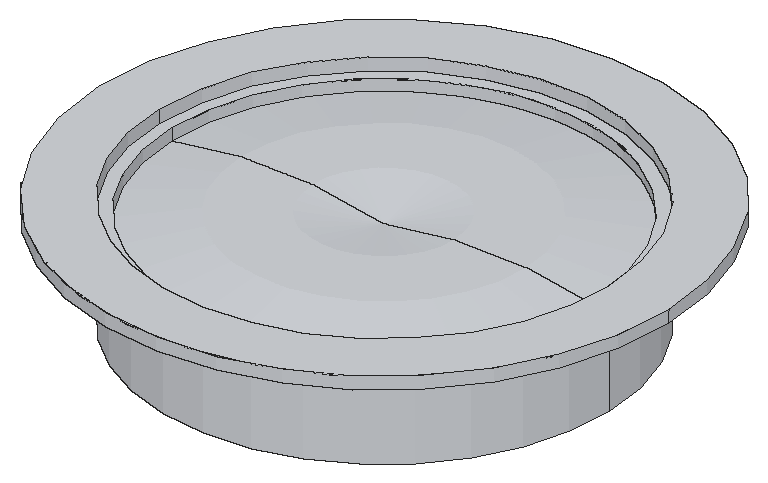
Revit family "Lighting-CommercialSector-GEWISS-ELIA-DL-LED_DOWNLIGHT", category Apparecchi per illuminazione, host Superficie, Revit 2019
Family settings
  Host = Superficie
  Quota connettore circolare = Usa diametro
  Tipo di parte = Normale
  Taglio con vuoti quando caricato = No
  Sorgente d'illuminazione = Sì
  Condiviso = No
  Punto di calcolo locali = Sì
Parameters (values of type "GWF1511QA940 - ELIA DL L2 40K OPAL DALI CRI90")
  Working temperature = "-20° +45°"
  Weight (kg): = "0,8"
  Weight (kg) = "0,8"
  Wattage = 9.2903 W
  Warranty = "5 years"
  Voltage = "220-240 V "
  Visibilità etichetta [instance] = yes
  Visibilità simbolo [instance] = yes
  Visibilità lampada in pianta [instance] = not(Visibilità simbolo)  # no
  Version file RFA = "20.0"
  Variazione temperatura colore lampada con luminosità attenuata = <Nessuno>
  URL = "https://www.gewiss.com/ww/en"
  UGR: = ""
  Typology = "Flush mounted"
  Type of light source = "LED - Not replaceable"
  Type of lamp = "LED"
  built-in parameter 1150107 = 4000 (stored number, unit not read)
  Technical sheet = "https://www.gewiss.com/ww/en/search?q=GWF1100VC861"
  System power = "35W"
  Spostamento_x_effettivo [instance] = 4000 mm - Spostamento_x  # 3000 mm
  Spostamento_x [instance] = 1000 mm
  Spostamento_y_effettivo [instance] = 4000 mm - Spostamento_y  # 3300 mm
  Spostamento_y [instance] = 700 mm
  Shock resistance = "IK06"
  STRUTTURA = none
  SEO = "Flush mounted"
  Realized by GEWISS S.p.A. = ""
  built-in parameter 1150110 = 1 (stored number, unit not read)
  built-in parameter 1150109 = 1 (stored number, unit not read)
  built-in parameter 1114218 = 1 (stored number, unit not read)
  built-in parameter 1150112 = 1 (stored number, unit not read)
  POSIZIONE = 80000  # constant formula
  Optic = "Diffusing opal"
  Operating temperature: = "-20° +45°"
  built-in parameter 1150137 = (empty or 0)
  built-in parameter 1150132 = (empty or 0)
  Luminous flux in emerg. [lm] = ""
  Lumen output (lm) = "3200"
  Lamp = "LED"
  LUNGHEZZA FORO = 968.572 mm
  LED Life time (L80B50) = "L80 B50 (Tq25°) = 50.000h"
  LED = none
  LARGHEZZA_FORO = 820.364 mm
  built-in parameter 1150105 = 109.82 (stored number, unit not read)
  built-in parameter 1150102 = (empty or 0)
  Insulation class = "II"
  Installation = "Flush mounted"
  built-in parameter 1150106 = 1.0982 (stored number, unit not read)
  Default Elevation = 1219.2 mm
  Produttore = "GEWISS S.p.A."
  Nome quadro [instance] = "330W"
  Modello = "GWF1511QA940"
  L_lampada = 1500 mm
  Immagine tipo = ELIA_DL.jpg
  IP degree = "IP40 - IP54"
  IDT = "67a9fb0b-5b9a-414d-aab5-ce16ea450aa5"
  IDF = "46d3fa0c-6ffa-4080-9a39-1d8cfdb7318d"
  Lumens = 1380 lm
  Color Filter = 16777215
  File diagramma fotometrico = "GWF1511QA940.IES"
  built-in parameter 1114217 = 1 (stored number, unit not read)
  built-in parameter 1150139 = (empty or 0)
  FORO_CONTROSOFFITTO = 80 mm  # constant formula
  Emit from Line Length = 609.6 mm
  Electrocod = ""
  Efficiency class of integrated LEDs = ""
  built-in parameter 1150104 = 13.8 (stored number, unit not read)
  EAN code = ""
  Driver type = ""
  Distanza dal host [instance] = 0 mm
  built-in parameter 1150115 = 1 (stored number, unit not read)
  built-in parameter 1150114 = 1 (stored number, unit not read)
  built-in parameter 1150113 = 1 (stored number, unit not read)
  Dimensions (mm) = "Standard"
  Descrizione = "ELIA DL L2 40K OPAL DALI CRI90"
  Colour temperature: = "4000K"
  Colour temperature = "4000K"
  Colour = "White"
  built-in parameter 1150134 = 12
  built-in parameter 1150138 = (empty or 0)
  Catalogue Range = "ELIA DL"
  Catalogue = "LIGHTING"
  COBie.Tagnumber = ""
  COBie.CreatedOn = ""
  COBie.CreatebBy = ""
  COBie.ComponentRegisterItemID = ""
  COBie.Component.TagNumber = ""
  COBie.Component.Space = ""
  COBie.Component.SerialNumber = ""
  COBie.Component.InstallationDate = ""
  COBie.Component.Description = ""
  COBie.Component.BarCode = ""
  Application = "Indoor"
  Tilt Angle = -90.00°
  built-in parameter 1150133 = 10 (stored number, unit not read)
Types (8, lengths in mm): name | Technical sheet | System power | Lumen output (lm) | Modello | IDT | File diagramma fotometrico | Descrizione
  GWF1510QA840 - ELIA DL L2 40K  OPAL ON/OFF CRI80 | "https://www.gewiss.com/ww/en/search?q=GWF1100VC858" | "35W" | "3550" | "GWF1510QA840" | "b2b84741-7a83-481b-95c9-ea9a437c7251" | "GWF1510QA840.IES" | "ELIA DL L2 40K  OPAL ON/OFF CRI80"
  GWF1510QA940 - ELIA DL L2 40K  OPAL ON/OFF CRI90 | "https://www.gewiss.com/ww/en/search?q=GWF1100VC859" | "35W" | "3200" | "GWF1510QA940" | "7fb4116e-5139-49e8-aba0-4ea58d715885" | "GWF1510QA940.IES" | "ELIA DL L2 40K  OPAL ON/OFF CRI90"
  GWF1511QA840 - ELIA DL L2 40K OPAL DALI CRI80 | "https://www.gewiss.com/ww/en/search?q=GWF1100VC860" | "35W" | "3550" | "GWF1511QA840" | "93a4c444-0049-4c68-8f80-80cc127d1e8f" | "GWF1511QA840.IES" | "ELIA DL L2 40K OPAL DALI CRI80"
  GWF1511QA940 - ELIA DL L2 40K OPAL DALI CRI90 | "https://www.gewiss.com/ww/en/search?q=GWF1100VC861" | "35W" | "3200" | "GWF1511QA940" | "67a9fb0b-5b9a-414d-aab5-ce16ea450aa5" | "GWF1511QA940.IES" | "ELIA DL L2 40K OPAL DALI CRI90"
  GWF1510MA940 - ELIA DL M2 40K  OPAL ON/OFF CRI90 | "https://www.gewiss.com/ww/en/search?q=GWF1100VC862" | "25W" | "2340" | "GWF1510MA940" | "141bd185-ca88-4515-8b8c-cb834ad1a7e4" | "GWF1510MA940.IES" | "ELIA DL M2 40K  OPAL ON/OFF CRI90"
  GWF1511MA840 - ELIA DL M2 40K OPAL DALI CRI80 | "https://www.gewiss.com/ww/en/search?q=GWF1100VC863" | "25W" | "2600" | "GWF1511MA840" | "6448825b-7d1a-4d32-a8bd-6db0aabe33f9" | "GWF1511MA840.IES" | "ELIA DL M2 40K OPAL DALI CRI80"
  GWF1511MA940 - ELIA DL M2 40K OPAL DALI CRI90 | "https://www.gewiss.com/ww/en/search?q=GWF1100VC864" | "25W" | "2340" | "GWF1511MA940" | "c728ae87-fbf6-4852-88a3-85a5a9649de6" | "GWF1511MA940.IES" | "ELIA DL M2 40K OPAL DALI CRI90"
  GWF1510MA840 - ELIA DL M2 40K OPAL ON/OFF CRI80 | "https://www.gewiss.com/ww/en/search?q=GWF1100VC865" | "25W" | "2600" | "GWF1510MA840" | "31cf60ee-c2e6-4431-b72f-e8ff613d9471" | "GWF1510MA840.IES" | "ELIA DL M2 40K OPAL ON/OFF CRI80"
Reference planes
  plane 1 "Centro (Fronte/Retro)": y = 0
  plane 2: z = 0
  plane 3 "Centro (Sinistra/Destra)": x = 0
  plane 4: x = -4000
  plane 5: x = -1000
  plane 6: x = -1000
  plane 7: z = 1200
  plane 8: y = -4000
  plane 9: y = -700
  plane 10: x = -484.286
  plane 11: y = -410.182
  plane 12: x = 484.286
  plane 13: y = 410.182
  plane 14: z = -80
Dimensions and locks
  plane 4 to plane 3 "Centro (Sinistra/Destra)" = 4000 mm  (x2)
  "Spostamento_x_effettivo": plane 4 to plane 5
  "Spostamento_x_effettivo": plane 6 to plane 4
  plane 7 to plane 2 = 1200 mm
  "Spostamento_y_effettivo": plane 9 to plane 8
  plane 1 "Centro (Fronte/Retro)" to plane 8 = 4000 mm
  equal spacing: plane 10, plane 3 "Centro (Sinistra/Destra)", plane 12
  equal spacing: plane 13, plane 1 "Centro (Fronte/Retro)", plane 11
  "FORO_CONTROSOFFITTO": level to plane 14
  "LUNGHEZZA FORO": plane 10 to plane 12
  "LARGHEZZA_FORO": plane 13 to plane 11
  aligned and locked: plane 2 to host face
  aligned and locked: level to host face
  aligned and locked: nested 2 to plane 1 "Centro (Fronte/Retro)"
  aligned and locked: plane 6 to nested 1
  aligned and locked: nested 1 to plane 9
  aligned and locked: host face to nested 3
  aligned and locked: plane 3 "Centro (Sinistra/Destra)" to nested 4
  aligned and locked: nested 4 to imposter light
Automatic sketch dimensions
  host sketch curve to host sketch curve = 2438.4 mm  (x2)
Nested families
  nested 1: "Etichetta light" at (-1000, -700, 0), visible <- "Visibilità etichetta", type "Etichetta light"
  nested 2: "SIMB_2D" at (0, 0, 110.443) x (0, 0, 1) z (1, 0, 0), visible <- "Visibilità simbolo", type "SIMB_2D"
  nested 3: "Base_ELIA DL" at (0, 0, -40), type "Base_ELIA DL"
  nested 4: "SIMB_2D" at (0, 0, 0), vs_simbolo <- "Visibilità simbolo", type "SIMB_2D"
    with vs_simbolo yes
Definition of nested family "Base_ELIA DL"
  Parameters (values of type "Base_ELIA DL")
    struttura = none
    r3 = r2 - 5 mm  # 85.426 mm
    r2 = Raggio - 23.8 mm  # 90.426 mm
    h_led = 45 mm
    Raggio = 114.226 mm
    Led = none
    Diametro lampada = Raggio * 2  # 228.452 mm
  Reference planes
    plane 1 "Asse sorgente illuminazione (F/B)": y = 0
    plane 2: z = 0
    plane 3 "Asse sorgente illuminazione (L/R)": x = 0
    plane 4 "Prospetto sorgente di illuminazione": z = 1500
    plane 5: z = 45
    plane 6: z = 40
  Forms (mm)
    Extrusion 1, solid
      sketch origin (0, 0, 0) x (1, 0, 0) y (0, 1, 0)
        loop
          circle (0, 0) r 114.226
        loop
          circle (0, 0) r 90.426
      from 40 to 45
    Extrusion 2, solid
      sketch origin (0, 0, 0) x (1, 0, 0) y (0, 1, 0)
        loop
          circle (0, 0) r 90.426
        loop
          circle (0, 0) r 85.426
      from 0 to 40
    Revolve 3, solid, material <- "Led"
      sketch origin (0, 0, 0) x (1, 0, 0) y (0, 0, 1)
        loop
          line (0, 0) -> (0, 35.625)
          arc (0, 35.625) -> (-42.713, 40.263) -> (-85.426, 35.625) r 198.99
          line (-85.426, 35.625) -> (-85.426, 0) -> (0, 0)
        axis (0, 35.625) -> (0, 0)
      angle from 0 to 360
  Cuts and joins
    joined: Extrusion 1, Extrusion 2
  Dimensions and locks
    locked: plane 5 to plane 6 at 5
    Extrusion 1 to Extrusion 1 = 228.452 mm
    "h_led": plane 5 to plane 2
    "Raggio": radius of Extrusion 1 sketch curve
    "r2": radius of Extrusion 1 sketch curve
    "r2": radius of Extrusion 2 sketch curve
    "r3": radius of Extrusion 2 sketch curve
    aligned and locked: level to plane 2
    aligned and locked: Extrusion 1 to plane 6
    aligned and locked: plane 5 to Extrusion 1
    aligned and locked: plane 6 to Extrusion 2
    aligned and locked: Extrusion 1 to plane 5
    aligned and locked: plane 6 to Extrusion 1
  Automatic sketch dimensions
    Extrusion 1 sketch curve to Extrusion 1 sketch curve = 0 mm  (x2)
    plane 1 "Asse sorgente illuminazione (F/B)" to Extrusion 1 sketch curve = 0 mm
    Extrusion 1 sketch curve to plane 3 "Asse sorgente illuminazione (L/R)" = 0 mm
    Extrusion 2 sketch curve to Extrusion 2 sketch curve = 0 mm  (x2)
    plane 1 "Asse sorgente illuminazione (F/B)" to Extrusion 2 sketch curve = 0 mm
    Extrusion 2 sketch curve to plane 3 "Asse sorgente illuminazione (L/R)" = 0 mm
    Revolve 3 sketch curve to level = 0 mm
    Revolve 3 sketch curve to plane 3 "Asse sorgente illuminazione (L/R)" = 0 mm  (x2)
    Revolve 3 sketch curve to plane 3 "Asse sorgente illuminazione (L/R)" = 42.713 mm
    Revolve 3 sketch curve to plane 6 = 4.375 mm
    Revolve 3 sketch curve to level = 158.727 mm
    Revolve 3 sketch curve to level = 30 mm
    plane 5 to Revolve 3 sketch curve = 20 mm
    Revolve 3 sketch curve to plane 3 "Asse sorgente illuminazione (L/R)" = 85.426 mm
Definition of nested family "Etichetta light"
  Parameters (values of type "ETICHETTA LIGHT")
    COMMENTI = "330W"
  Reference planes
    plane 1: y = 0
    plane 2: x = 0
  Text (mm)
    label "COMMENTI" at (-0.057, 0.105, 0), shows "COMMENTI"
Definition of nested family "SIMB_2D"
  Parameters (values of type "SIMB_2D")
    vs_simbolo [instance] = yes
  Reference planes
    plane 1 "Centro (Fronte/Retro)": y = 0
    plane 2: z = 0
    plane 3 "Centro (Sinistra/Destra)": x = 0
  Lines and regions (mm)
    model lines, in view "Livello rif.", visible <- "vs_simbolo"
      curve 1: circle (1.594, -5.402, 0) r 132.43 normal (0, 0, 1)
      curve 2: circle (1.594, -5.402, 0) r 159.119 normal (0, 0, 1)
      curve 3: line (58.804, -62.709, 0) -> (-55.615, -5.745, 0)
      curve 4: line (-55.615, -5.745, 0) -> (58.804, 51.905, 0)
      curve 5: line (58.804, 51.905, 0) -> (58.804, -62.709, 0)
      curve 6: line (-55.615, 51.562, 0) -> (-55.615, -63.052, 0)
      curve 7: line (-55.615, -5.745, 0) -> (-89.068, -5.745, 0)
      curve 8: line (58.804, -5.402, 0) -> (83.507, -5.402, 0)
